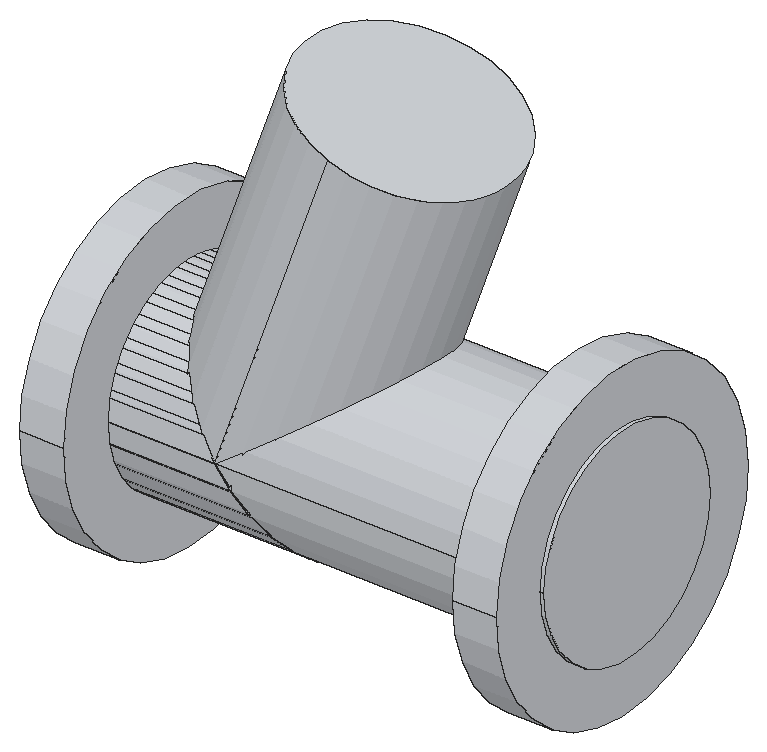
Revit family "447-DN080-RFA_2018", category Pipe Accessories, Revit 2018
Family settings
  Round Connector Dimension = Use Diameter
  Part Type = Valve - Breaks Into
  Work Plane-Based = No
  Always vertical = Yes
  Cut with Voids When Loaded = No
  Shared = No
Parameters (values of type "447-DN080")
  magiProductId = "7399fcf493614c92ad9035a8ac3adf"
  magiProductFamilyId = "b72cb932c1b3471491e3d369876ba1"
  magiPartTypeId = 304
  isMeasuringValve [instance] = no
  ang2D [instance] = 0.00°
  X2 = 71.982 mm
  X1 = 43.4 mm
  W2D = 100 mm
  VersionID = "2.0/2017.9.26.1/ZETKAMA_447_001"
  Use Minimum Symbol Size [instance] = yes
  URL = "http://www.hydronix.cz"
  Type Comments = "přírubový; PN16; -10~+120°C"
  S = 132 mm
  QmdConnectorList = "301;D;302;D"
  Productdata [instance] = ""
  Manufacturer = "Hydronix"
  MC Product Code = "447 080 (DN80; PN16 kvs113,4)"
  MC Piping Given Pressure Drop [instance] = 0.0 Pa
  LM1 = 24.8 mm
  LM = 248 mm
  L2D_Min = 3048 mm
  L2D = 350 mm
  L2 = 155 mm
  HH1 = 197.769 mm
  FD = 200 mm
  Description = "Ruční vyvažovací ventil přírubový; DN80; PN16; kvs113,4"
  DT = 130 mm
  D = 80 mm
  CC = 3.1 mm
  CAT0 = yes
  C1 = 27.9 mm
  C = 31 mm
Types (10, lengths in mm): name | magiProductId | X2 | X1 | S | MC Product Code | LM1 | LM | L2 | HH1 | FD | Description | DT | D | CC | C1 | C
  447-DN100 | "98b46d48787042dd9a812fc0797c69" | 79.261 | 49 | 156 | "447 100 (DN100; PN16 kvs184,7)" | 28 | 280 | 175 | 217.769 | 220 | "Ruční vyvažovací ventil přírubový; DN100; PN16; kvs184,7" | 130 | 100 | 3.5 | 31.5 | 35
  447-DN125 | "02b47ccb17f74d08923d86f3fe118e" | 86.541 | 56 | 184 | "447 125 (DN125; PN16 kvs285,1)" | 32 | 320 | 200 | 237.769 | 250 | "Ruční vyvažovací ventil přírubový; DN125; PN16; kvs285,1" | 130 | 125 | 4 | 36 | 40
  447-DN150 | "7f7b5672e2b748ca8839732ddacd1d" | 95.64 | 67.2 | 211 | "447 150 (DN150; PN16 kvs390,2)" | 38.4 | 384 | 240 | 262.769 | 285 | "Ruční vyvažovací ventil přírubový; DN150; PN16; kvs390,2" | 130 | 150 | 4.8 | 43.2 | 48
  447-DN200 | "e1019e6fc9b647ceac6d31797e2f53" | 155.411 | 84 | 266 | "447 200 (DN200; PN16 kvs710)" | 48 | 480 | 300 | 426.987 | 340 | "Ruční vyvažovací ventil přírubový; DN200; PN16; kvs710" | 310 | 200 | 6 | 54 | 60
  447-DN250 | "a0eac83e29f84220b7ba68901aa49e" | 171.789 | 102.2 | 319 | "447 250 (DN250; PN16 kvs1188)" | 58.4 | 584 | 365 | 471.987 | 405 | "Ruční vyvažovací ventil přírubový; DN250; PN16; kvs1188" | 310 | 250 | 7.3 | 65.7 | 73
  447-DN300 | "476300b2e87f4f20bd49d272c44436" | 175.429 | 119 | 370 | "447 300 (DN300; PN16 kvs1504)" | 68 | 680 | 425 | 481.987 | 460 | "Ruční vyvažovací ventil přírubový; DN300; PN16; kvs1504" | 310 | 300 | 8.5 | 76.5 | 85
  447-DN040 | "1b02107dafeb4f5588628c478854c2" | 42.71 | 28 | 84 | "447 040 (DN40; PN16 kvs22,36)" | 16 | 160 | 100 | 117.345 | 150 | "Ruční vyvažovací ventil přírubový; DN40; PN16; kvs22,36" | 74 | 40 | 2 | 18 | 20
  447-DN050 | "5ed7087ff739473a8b86e2dbbe5062" | 42.71 | 32.2 | 99 | "447 050 (DN50; PN16 kvs32,15)" | 18.4 | 184 | 115 | 117.345 | 165 | "Ruční vyvažovací ventil přírubový; DN50; PN16; kvs32,15" | 74 | 50 | 2.3 | 20.7 | 23
  447-DN065 | "bd77367604f142d88050bf73c88c7b" | 71.982 | 40.6 | 118 | "447 065 (DN65; PN16 kvs88,8)" | 23.2 | 232 | 145 | 197.769 | 185 | "Ruční vyvažovací ventil přírubový; DN65; PN16; kvs88,8" | 130 | 65 | 2.9 | 26.1 | 29
  447-DN080 | "7399fcf493614c92ad9035a8ac3adf" | 71.982 | 43.4 | 132 | "447 080 (DN80; PN16 kvs113,4)" | 24.8 | 248 | 155 | 197.769 | 200 | "Ruční vyvažovací ventil přírubový; DN80; PN16; kvs113,4" | 130 | 80 | 3.1 | 27.9 | 31
Reference planes
  plane 1 "Center (Front/Back)": y = 0
  plane 2 "XYPLANE": z = 0
  plane 3 "Center (Left/Right)": x = 0
  plane 4 "110": x = 16.182
  plane 5 "109": z = 197.769
  plane 6 "108": x = -55.8
  plane 7 "107": x = 151.9
  plane 8 "106": x = -151.9
  plane 9 "105": z = 0
  plane 10 "104": y = 0
  plane 11 "103": x = -155
  plane 12 "102": x = 155
  plane 13 "100": x = -124
  plane 14 "99": x = 124
  plane 15 "98": x = -99.2
Forms (mm)
  Extrusion 1, solid, visible <- "CAT0"
    sketch origin (-124, -750, 0) x (0, 1, 0) y (0, 0, 1)
      loop
        circle (750, 0) r 65
    from 0 to 248 <- "LM"
  Sweep 2, solid, visible <- "CAT0"
    path origin (750, 0, 0) x (-1, 0, 0) y (0, 0, 1)
      loop
        line (874, 0) -> (805.8, 0) -> (733.818, 197.769)
    profile origin (-124, 0, 0) x (0, 0, -1) y (0, 1, 0)
      loop
        circle (0, 0) r 65
  Extrusion 3, solid
    sketch origin (151.9, -750, 0) x (0, 1, 0) y (0, 0, 1)
      loop
        circle (750, 0) r 66
    from 0 to 3.1 <- "CC"
  Extrusion 4, solid
    sketch origin (124, -750, 0) x (0, 1, 0) y (0, 0, 1)
      loop
        circle (750, 0) r 100
    from 0 to 27.9 <- "C1"
  Extrusion 5, solid
    sketch origin (-151.9, -750, 0) x (0, 1, 0) y (0, 0, 1)
      loop
        circle (750, 0) r 100
    from 0 to 27.9 <- "C1"
  Extrusion 6, solid
    sketch origin (-155, -750, 0) x (0, 1, 0) y (0, 0, 1)
      loop
        circle (750, 0) r 66
    from 0 to 3.1 <- "CC"
  Extrusion 7, solid, not visible
    sketch origin (-155, -750, 0) x (0, 1, 0) y (0, 0, 1)
      loop
        circle (750, 0) r 10
    from 0 to 10
  Extrusion 8, solid, not visible
    sketch origin (155, -750, 0) x (0, 1, 0) y (0, 0, 1)
      loop
        circle (750, 0) r 10
    from 0 to -10
Lines and regions (mm)
  reference lines, not visible
    curve 1: circle (2, 2, 0) r 1 normal (0, 0, 1)
Dimensions and locks
  plane 1 "Center (Front/Back)" to curve 1 = 2 mm
  "X2": plane 6 "108" to plane 4 "110"
  "HH1": plane 2 "XYPLANE" to plane 5 "109"
  "X1": plane 15 "98" to plane 6 "108"
  "C1": plane 14 "99" to plane 7 "107"
  "CC": plane 11 "103" to plane 8 "106"
  locked: plane 2 "XYPLANE" to plane 9 "105"
  locked: plane 1 "Center (Front/Back)" to plane 10 "104"
  "L2": plane 3 "Center (Left/Right)" to plane 11 "103"
  "L2": plane 3 "Center (Left/Right)" to plane 12 "102"
  "C": plane 11 "103" to plane 13 "100"
  "LM": plane 13 "100" to plane 14 "99"
  "LM1": plane 13 "100" to plane 15 "98"
  Sweep 2 sketch curve to Sweep 2 sketch curve = 0 mm  (x2)
  "DT": diameter of Extrusion 1 sketch curve
  "DT": diameter of Sweep 2 sketch curve
  "S": diameter of Extrusion 3 sketch curve
  "FD": diameter of Extrusion 4 sketch curve
  "FD": diameter of Extrusion 5 sketch curve
  "S": diameter of Extrusion 6 sketch curve
  aligned and locked: level to plane 2 "XYPLANE"
  aligned and locked: plane 9 "105" to Extrusion 1 sketch curve
  aligned and locked: Extrusion 1 sketch curve to plane 10 "104"
  aligned and locked: plane 9 "105" to Sweep 2 sketch curve  (x3)
  aligned and locked: Sweep 2 sketch curve to plane 10 "104"
  aligned and locked: plane 13 "100" to Sweep 2 sketch curve
  aligned and locked: plane 6 "108" to Sweep 2 sketch curve
  aligned and locked: plane 4 "110" to Sweep 2 sketch curve
  aligned and locked: plane 5 "109" to Sweep 2 sketch curve
  aligned and locked: plane 9 "105" to Extrusion 3 sketch curve
  aligned and locked: Extrusion 3 sketch curve to plane 10 "104"
  aligned and locked: plane 9 "105" to Extrusion 4 sketch curve
  aligned and locked: Extrusion 4 sketch curve to plane 10 "104"
  aligned and locked: plane 9 "105" to Extrusion 5 sketch curve
  aligned and locked: Extrusion 5 sketch curve to plane 10 "104"
  aligned and locked: plane 9 "105" to Extrusion 6 sketch curve
  aligned and locked: Extrusion 6 sketch curve to plane 10 "104"
  aligned and locked: plane 9 "105" to Extrusion 7 sketch curve
  aligned and locked: Extrusion 7 sketch curve to plane 10 "104"
  aligned and locked: plane 9 "105" to Extrusion 8 sketch curve
  aligned and locked: Extrusion 8 sketch curve to plane 10 "104"
Automatic sketch dimensions
  plane 1 "Center (Front/Back)" to Extrusion 7 sketch curve = 10 mm
  plane 1 "Center (Front/Back)" to Extrusion 8 sketch curve = 10 mm
  plane 3 "Center (Left/Right)" to curve 1 = 2 mm
  radius of curve 1 = 1 mm
Connectors
  piping at (-155, 0, 0), diameter 80, driven by "D"
    settings: on Extrusion 7, index 1, connector inside diameter 609.6 mm, connector length 0 mm, flow factor 0, pipe flow 0.0 L/s, pressure drop 0.0 Pa, fitting loss kfactor 0, connector angle 0.00°, fixture units 0, engagement length 0 mm, angle of deflection 0.00°, flow configuration 0, flow direction 0, fitting loss method 0, system type 29, joint type 0, gender type 0, connector reference index 2, connector utility 0, adjustable connector no, is connector primary yes, connector description ""
  piping at (155, 0, 0), diameter 80, driven by "D"
    settings: on Extrusion 8, index 2, connector inside diameter 609.6 mm, connector length 0 mm, flow factor 0, pipe flow 0.0 L/s, pressure drop 0.0 Pa, fitting loss kfactor 0, connector angle 0.00°, fixture units 0, engagement length 0 mm, angle of deflection 0.00°, flow configuration 0, flow direction 0, fitting loss method 0, system type 29, joint type 0, gender type 0, connector reference index 1, connector utility 0, adjustable connector no, is connector primary no, connector description ""
